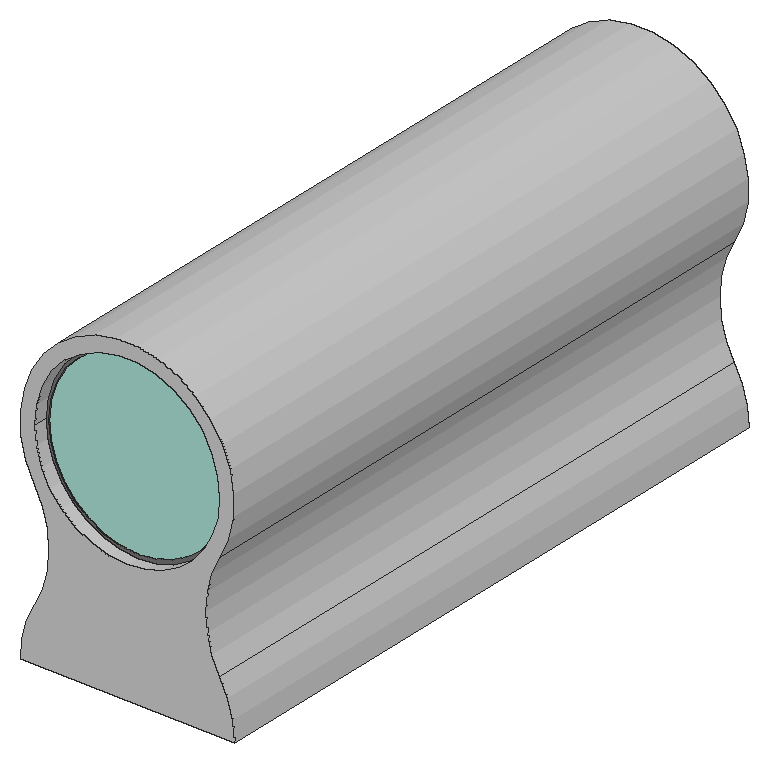
Revit family "Intono 1.1", category Lighting Fixtures, host Face, Revit 2017
Family settings
  Host = Face
  Round Connector Dimension = Use Diameter
  Part Type = Normal
  Cut with Voids When Loaded = Yes
  Light Source = Yes
  Shared = No
  Room Calculation Point = Yes
Parameters (values of type "Intono 1.1 L 33° (3000K 3W 24Vdc)")
  Wiring = "parallel"
  Width mm = 46 mm
  Weight kg = "0.17 kg"
  Wattage = 0.989619 W
  built-in parameter 1150110 = 1 (stored number, unit not read)
  Voltage = 24 V
  URL Accessories and power supply units = "https://www.lucelight.it/en/prodotto.php/122299#a-scheda-accessori"
  URL = "https://www.lucelight.it/en/prodotto.php/122299"
  built-in parameter 1114217 = 1 (stored number, unit not read)
  Tiltable = "-"
  URL Technical sheet = "https://www.lucelight.it/media/prodotti/st/ST_INTONO_11-12.pdf"
  URL Image = "https://www.lucelight.it/media/prodotti/foto/intono_1.1_still.jpg"
  URL IES Photometric file = "https://www.lucelight.it/media/prodotti/fotometrie/intono_1.1_ies.zip"
  URL General code = "https://www.lucelight.it/en/prodotto.php/122299#a-generacodice"
  URL Description = "https://www.lucelight.it/en/capitolato.php/122299"
  URL DXF = "https://www.lucelight.it/media/prodotti/dxf/intono_1.1.dxf"
  URL Catalogue = "https://www.lucelight.it/media/prodotti/mf_brochure/intono_brochure_en.pdf"
  Tilt Angle = 180.00°
  built-in parameter 1150109 = 1 (stored number, unit not read)
  built-in parameter 1150134 = (empty or 0)
  built-in parameter 1150113 = 1 (stored number, unit not read)
  Screen = L&L_Black-serigraphed
  Power supply unit = "not included"
  Power supply = "24Vdc"
  Power cables = "-"
  Power = "3W"
  Photometric Web File = "INTONO 1.1 L 33° [3000K 3W 24Vdc].IES"
  Optics = "33°"
  Notes = "version compatible with Google Home or Amazon Echo available on request for voice command control"
  No. and type of led = "1 power LED, 1/4 ANSI BIN, 50 000h L90 B10 (Ta 25°C)"
  Mounting = "surface mounted (wall)"
  Model = "Intono 1.1"
  Material = "body in die-cast aluminium, screen in black-serigraphed, tempered, transparent extra-clear glass"
  Manufacturer = "L&L Luce&Light"
  built-in parameter 1150105 = 399.33 (stored number, unit not read)
  Lumens = 147 lm
  built-in parameter 1150115 = 1 (stored number, unit not read)
  Lumen output at source = "168 lm (3000K, CRI 80), 147 lm (3000K, CRI 90)"
  built-in parameter 1150137 = (empty or 0)
  built-in parameter 1150139 = (empty or 0)
  Lens = L&L_Tempered extra-clear glass
  Length mm = 30 mm
  built-in parameter 1150112 = 1 (stored number, unit not read)
  built-in parameter 1150114 = 1 (stored number, unit not read)
  LED Colour = "3000K (also available: 2700K and 4000K - ref. URL Technical sheet)"
  built-in parameter 1150132 = 2
  built-in parameter 1150102 = (empty or 0)
  built-in parameter 1150107 = 3000 (stored number, unit not read)
  built-in parameter 1150138 = (empty or 0)
  built-in parameter 1150106 = 3.9933 (stored number, unit not read)
  IP = "IP65"
  Height mm = 90 mm
  Features = "-"
  Energy efficiency class = "A A+ A++"
  Emit from Line Length = 609.6 mm
  built-in parameter 1150104 = 13.8 (stored number, unit not read)
  Dimming Lamp Color Temperature Shift = <None>
  Description = "Wall mounted for outdoor applications"
  Delivered lumen output = "146 lm (3000K, 22°, CRI 80), 128 lm (3000K, 22°, CRI 90)"
  Default Elevation = 1219.2 mm
  Cutout dimensions = "-"
  Control system = "-"
  Contact = "T: +39 0444 360571; E: lucelight@lucelight.it"
  Company = "L&L Luce&Light"
  Color Filter = 16777215
  Code = "-"
  CRI = "90 (also available: CRI 80 - ref. URL Technical sheet)"
  Body = L&L_Die-cast aluminium
  built-in parameter 1114218 = 1 (stored number, unit not read)
  built-in parameter 1150133 = 10 (stored number, unit not read)
  Apparent Load Phase 1 = 3 W
  Apparent Load = 0 VA
Types (3, lengths in mm): name | Photometric Web File | Optics
  Intono 1.1 L 33° (3000K 3W 24Vdc) | "INTONO 1.1 L 33° [3000K 3W 24Vdc].IES" | "33°"
  Intono 1.1 M 22° (3000K 3W 24Vdc) | "INTONO 1.1 M 22° [3000K 3W 24Vdc].IES" | "22°"
  Intono 1.1 S 13° (3000K 3W 24Vdc) | "INTONO 1.1 S 13° [3000K 3W 24Vdc].IES" | "13°"
Reference planes
  plane 1 "Center (Front/Back)": y = 0
  plane 2: z = 0
  plane 3 "Center (Left/Right)": x = 0
  plane 4: z = 30.8
Forms (mm)
  Extrusion 1, solid, material "L&L_Die-cast aluminium" <- "Body", detail levels coarse
    sketch origin (0, 45, 0.3) x (1, 0, 0) y (0, 0, 1)
      loop
        line (-15, 45.2) -> (-15, -0.3) -> (15, -0.3) -> (15, 45.2) -> (-15, 45.2)
    from 0 to 90
  Extrusion 2, solid, material "L&L_Die-cast aluminium" <- "Body", detail levels fine
    sketch origin (0, 45, 0.3) x (1, 0, 0) y (0, 0, 1)
      loop
        line (-15, 0.5) -> (15, 0.5)
        arc (15, 0.5) -> (14.489, 4.382) -> (12.99, 8) r 15
        arc (12.99, 8) -> (10.981, 15.5) -> (12.99, 23) r 15
        arc (12.99, 23) -> (0, 45.5) -> (-12.99, 23) r 15
        arc (-12.99, 23) -> (-10.981, 15.5) -> (-12.99, 8) r 15
        arc (-12.99, 8) -> (-14.489, 4.382) -> (-15, 0.5) r 15
    from 0 to 90
  Extrusion 3, void
    sketch origin (0, 0, 0.3) x (1, 0, 0) y (0, 0, 1)
      loop
        circle (0, 30.5) r 13
    from 42.033 to 48.075
  Extrusion 4, solid, material "L&L_Die-cast aluminium" <- "Body", detail levels medium
    sketch origin (0, 45, 0.3) x (1, 0, 0) y (0, 0, 1)
      loop
        line (-15, 0.5) -> (15, 0.5)
        arc (15, 0.5) -> (14.489, 4.382) -> (12.99, 8) r 15
        arc (12.99, 8) -> (10.981, 15.5) -> (12.99, 23) r 15
        arc (12.99, 23) -> (0, 45.5) -> (-12.99, 23) r 15
        arc (-12.99, 23) -> (-10.981, 15.5) -> (-12.99, 8) r 15
        arc (-12.99, 8) -> (-14.489, 4.382) -> (-15, 0.5) r 15
    from 0 to 90
  Extrusion 5, solid, detail levels medium+fine
    sketch origin (0, 0, 0) x (1, 0, 0) y (0, 1, 0)
      loop
        line (-12.5, 23) -> (-12.5, -23)
        arc (-12.5, -23) -> (0, -35.5) -> (12.5, -23) r 12.5
        line (12.5, -23) -> (12.5, 23)
        arc (12.5, 23) -> (0, 35.5) -> (-12.5, 23) r 12.5
    from 0 to 0.8
  Extrusion 6, solid, material "L&L_Black-serigraphed" <- "Screen", detail levels fine
    sketch origin (0, -85.033, 0) x (1, 0, 0) y (0, 0, 1)
      loop
        circle (0, 30.8) r 13
      loop
        circle (0, 30.8) r 12.5
    from -43 to -41.952
  Extrusion 7, solid, material "L&L_Tempered extra-clear glass" <- "Lens", detail levels fine
    sketch origin (0, -85.033, 0) x (1, 0, 0) y (0, 0, 1)
      loop
        circle (0, 30.8) r 12.5
    from -43 to -41.952
Cuts and joins
  Extrusion 3 cuts Extrusion 2
Dimensions and locks
  aligned and locked: plane 2 to host face
  aligned and locked: level to host face
Connectors
  electrical at (0, 0, 0), driven by "Apparent Load Phase 1", driven by "Voltage"
    settings: index 1, voltage 24 V, apparent load 0 VA, apparent load phase1 3 VA, apparent load phase2 0 VA, apparent load phase3 0 VA, power factor 1, load classification "Lighting", number of poles 1, system type 31, power factor state 1, is connector primary yes, connector utility no, sub classification motor no, connector description ""
